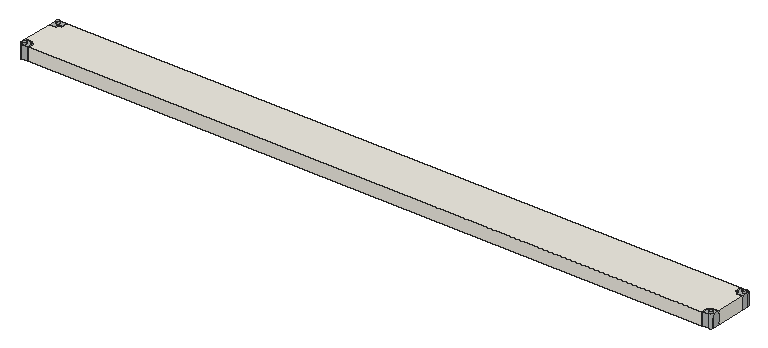
Revit family "HIGHTECH", category Осветительные приборы, Revit 2019 (continued)
Types (32, lengths in mm): name | Файл фотометрической сетки | built-in parameter 1150105 | Lumens | built-in parameter 1150106 | built-in parameter 1150142 | Wattage | Emit from Rectangle Width | Emit from Rectangle Length | Длина | Ширина | ADSK_Ток | ADSK_Полная мощность | ADSK_Обозначение | ADSK_Номинальная мощность | ADSK_Наименование | ADSK_Масса | ADSK_Код изделия
  Hightech-38/opal-sand 595х595 (IP40, 4000К, белый) c БАП на 3 часа | "Светильник HIGHTECH-38 OPAL-SAND-(595x595).IES" | 302.39 (stored number, unit not read) | 3800 lm | 3.0239 (stored number, unit not read) | "IESNA:LM-63-95\r\n[TEST] Протокол № 50-13\r\n[DATA] 17.06.2016\r\n[MORE] \r\n[MANUFAC] ЗАО \"Центрстройсвет\"\r\n[LUMCAT]  Светильник HIGHTECH-38/OPAL-SAND-(595x595)\r\n[LUMINAIRE]\r\n[LAMPCAT] Светодиоды\r\n[LAMP] Поток источника света (светодиодов) не известен\r\n[MORE] КСС приведена в абсолютных величинах кд\r\n[MORE] Вместо потока лампы, указан поток светильника.\r\nTILT=NONE\r\n1    3750 1.0 37 73 1 2 0.595 0.595 0.04\r\n1.0 1.0 38.7\r\n0.0 5.0 10.0 15.0 20.0 25.0 30.0 35.0 40.0 45.0 50.0 55.0 60.0 65.0 70.0 75.0 80.0 85.0 90.0 95.0 100.0 105.0 110.0 115.0 120.0 125.0 130.0 135.0 140.0 145.0 150.0 155.0 160.0 165.0 170.0 175.0 180.0\r\n0.0 5.0 10.0 15.0 20.0 25.0 30.0 35.0 40.0 45.0 50.0 55.0 60.0 65.0 70.0 75.0 80.0 85.0 90.0 95.0 100.0 105.0 110.0 115.0 120.0 125.0 130.0 135.0 140.0 145.0 150.0 155.0 160.0 165.0 170.0 175.0 180.0 185.0 190.0 195.0 200.0 205.0 210.0 215.0 220.0 225.0 230.0 235.0 240.0 245.0 250.0 255.0 260.0 265.0 270.0 275.0 280.0 285.0 290.0 295.0 300.0 305.0 310.0 315.0 320.0 325.0 330.0 335.0 340.0 345.0 350.0 355.0 360.0\r\n1391.4 1390.6 1365.7 1330.6 1277.5 1214.9 1147.5 1059.6 967.6 873.2 772.4 664.9 556.3 449.1 342.7 240.6 147.1 64.2 4.7 0.0 0.0 0.0 0.0 0.0 0.0 0.0 0.0 0.0 0.0 0.0 0.0 0.0 0.0 0.0 0.0 0.0 0.0\r\n1391.4 1390.5 1367.8 1332.7 1284.3 1221.3 1147.0 1062.1 969.2 872.4 773.2 666.3 557.1 450.1 343.8 241.9 146.9 64.7 5.2 0.0 0.0 0.0 0.0 0.0 0.0 0.0 0.0 0.0 0.0 0.0 0.0 0.0 0.0 0.0 0.0 0.0 0.0\r\n1391.4 1390.2 1372.0 1333.3 1277.3 1216.8 1144.5 1057.4 969.6 875.1 773.8 669.5 560.0 454.6 345.8 242.4 148.5 65.8 5.4 0.0 0.0 0.0 0.0 0.0 0.0 0.0 0.0 0.0 0.0 0.0 0.0 0.0 0.0 0.0 0.0 0.0 0.0\r\n1391.4 1389.8 1371.2 1330.7 1279.5 1220.5 1148.3 1059.9 967.7 873.2 767.5 666.8 561.4 453.0 347.1 243.7 149.9 65.6 5.8 0.0 0.0 0.0 0.0 0.0 0.0 0.0 0.0 0.0 0.0 0.0 0.0 0.0 0.0 0.0 0.0 0.0 0.0\r\n1391.4 1389.8 1368.3 1329.3 1285.0 1214.6 1141.1 1058.7 971.8 871.3 775.2 666.9 559.4 452.6 345.8 242.5 150.0 65.8 6.1 0.0 0.0 0.0 0.0 0.0 0.0 0.0 0.0 0.0 0.0 0.0 0.0 0.0 0.0 0.0 0.0 0.0 0.0\r\n1391.4 1390.5 1367.3 1332.3 1281.7 1219.0 1142.8 1064.6 970.5 874.4 772.1 667.5 560.2 453.0 346.2 241.8 149.4 65.7 5.6 0.0 0.0 0.0 0.0 0.0 0.0 0.0 0.0 0.0 0.0 0.0 0.0 0.0 0.0 0.0 0.0 0.0 0.0\r\n1391.4 1391.4 1368.1 1333.5 1277.3 1215.7 1139.0 1059.6 968.1 872.4 771.6 667.4 558.8 453.3 344.3 243.9 148.4 65.7 5.4 0.0 0.0 0.0 0.0 0.0 0.0 0.0 0.0 0.0 0.0 0.0 0.0 0.0 0.0 0.0 0.0 0.0 0.0\r\n1391.4 1391.7 1368.1 1330.4 1278.2 1213.9 1142.4 1061.6 967.4 875.1 772.0 669.3 561.1 452.5 345.2 242.1 148.3 65.4 5.5 0.0 0.0 0.0 0.0 0.0 0.0 0.0 0.0 0.0 0.0 0.0 0.0 0.0 0.0 0.0 0.0 0.0 0.0\r\n1391.4 1391.5 1371.0 1328.4 1278.5 1216.7 1142.1 1061.2 971.8 874.7 772.1 668.9 560.8 452.9 345.4 243.3 147.7 66.0 5.4 0.0 0.0 0.0 0.0 0.0 0.0 0.0 0.0 0.0 0.0 0.0 0.0 0.0 0.0 0.0 0.0 0.0 0.0\r\n1391.4 1391.5 1373.2 1330.5 1277.3 1215.5 1143.2 1063.6 967.0 872.7 772.2 669.4 558.9 453.2 346.6 241.9 148.1 65.2 5.5 0.0 0.0 0.0 0.0 0.0 0.0 0.0 0.0 0.0 0.0 0.0 0.0 0.0 0.0 0.0 0.0 0.0 0.0\r\n1391.4 1391.4 1369.7 1328.3 1281.3 1216.0 1139.8 1057.9 968.7 875.3 773.9 667.6 561.8 454.0 344.0 243.1 147.2 65.6 5.5 0.0 0.0 0.0 0.0 0.0 0.0 0.0 0.0 0.0 0.0 0.0 0.0 0.0 0.0 0.0 0.0 0.0 0.0\r\n1391.4 1390.5 1367.9 1330.1 1278.1 1218.1 1138.9 1061.0 970.0 871.8 770.4 669.3 560.2 453.4 346.9 242.1 148.3 65.2 5.2 0.0 0.0 0.0 0.0 0.0 0.0 0.0 0.0 0.0 0.0 0.0 0.0 0.0 0.0 0.0 0.0 0.0 0.0\r\n1391.4 1389.3 1368.2 1329.1 1280.8 1214.4 1142.5 1059.2 967.2 874.3 772.4 668.0 563.1 452.3 345.7 242.8 146.8 64.9 5.1 0.0 0.0 0.0 0.0 0.0 0.0 0.0 0.0 0.0 0.0 0.0 0.0 0.0 0.0 0.0 0.0 0.0 0.0\r\n1391.4 1388.6 1367.4 1327.8 1278.0 1215.7 1141.0 1061.0 971.5 877.3 771.2 667.3 561.5 453.0 346.4 242.4 146.3 64.8 5.2 0.0 0.0 0.0 0.0 0.0 0.0 0.0 0.0 0.0 0.0 0.0 0.0 0.0 0.0 0.0 0.0 0.0 0.0\r\n1391.4 1388.0 1367.6 1326.7 1278.3 1218.0 1140.9 1061.5 968.4 873.4 770.1 666.6 562.1 454.6 344.8 241.8 146.4 64.0 5.5 0.0 0.0 0.0 0.0 0.0 0.0 0.0 0.0 0.0 0.0 0.0 0.0 0.0 0.0 0.0 0.0 0.0 0.0\r\n1391.4 1387.2 1366.1 1331.0 1281.4 1216.3 1142.7 1059.1 969.4 871.5 772.2 667.3 560.5 453.0 344.4 242.2 146.4 63.8 5.6 0.0 0.0 0.0 0.0 0.0 0.0 0.0 0.0 0.0 0.0 0.0 0.0 0.0 0.0 0.0 0.0 0.0 0.0\r\n1391.4 1387.1 1366.3 1328.7 1276.9 1214.5 1141.2 1059.3 968.4 874.3 775.5 668.3 562.5 454.9 346.4 241.3 146.2 63.5 5.7 0.0 0.0 0.0 0.0 0.0 0.0 0.0 0.0 0.0 0.0 0.0 0.0 0.0 0.0 0.0 0.0 0.0 0.0\r\n1391.4 1388.4 1366.0 1329.7 1279.2 1217.9 1140.0 1060.5 969.0 873.9 772.0 671.3 560.4 453.2 343.7 241.7 145.8 63.7 5.4 0.0 0.0 0.0 0.0 0.0 0.0 0.0 0.0 0.0 0.0 0.0 0.0 0.0 0.0 0.0 0.0 0.0 0.0\r\n1391.4 1389.6 1367.7 1329.3 1277.2 1211.1 1140.1 1061.0 971.0 871.2 769.2 669.1 561.5 453.1 343.3 241.9 145.8 63.4 5.2 0.0 0.0 0.0 0.0 0.0 0.0 0.0 0.0 0.0 0.0 0.0 0.0 0.0 0.0 0.0 0.0 0.0 0.0\r\n1391.4 1388.8 1366.9 1327.1 1279.4 1214.2 1142.5 1056.4 970.7 870.3 771.0 665.1 560.4 453.3 343.8 241.1 145.7 63.4 5.2 0.0 0.0 0.0 0.0 0.0 0.0 0.0 0.0 0.0 0.0 0.0 0.0 0.0 0.0 0.0 0.0 0.0 0.0\r\n1391.4 1387.2 1365.8 1328.9 1276.6 1210.2 1141.4 1059.3 966.6 871.4 770.5 667.4 559.2 451.4 344.2 241.0 145.6 63.2 5.1 0.0 0.0 0.0 0.0 0.0 0.0 0.0 0.0 0.0 0.0 0.0 0.0 0.0 0.0 0.0 0.0 0.0 0.0\r\n1391.4 1386.8 1364.4 1329.8 1279.4 1213.7 1144.0 1059.0 965.3 873.7 768.8 668.9 559.4 449.5 342.6 241.5 144.6 63.4 5.0 0.0 0.0 0.0 0.0 0.0 0.0 0.0 0.0 0.0 0.0 0.0 0.0 0.0 0.0 0.0 0.0 0.0 0.0\r\n1391.4 1388.1 1365.8 1328.1 1273.8 1213.4 1137.9 1059.2 967.3 869.2 769.3 667.7 558.4 451.4 344.0 240.6 145.7 63.4 4.9 0.0 0.0 0.0 0.0 0.0 0.0 0.0 0.0 0.0 0.0 0.0 0.0 0.0 0.0 0.0 0.0 0.0 0.0\r\n1391.4 1389.2 1364.4 1323.2 1276.3 1213.8 1137.6 1055.3 963.1 871.0 767.7 664.1 559.7 447.1 342.4 240.1 145.2 63.9 5.1 0.0 0.0 0.0 0.0 0.0 0.0 0.0 0.0 0.0 0.0 0.0 0.0 0.0 0.0 0.0 0.0 0.0 0.0\r\n1391.4 1388.4 1362.3 1326.8 1274.4 1212.2 1137.9 1054.7 966.7 867.9 768.7 663.4 557.3 449.2 343.3 240.0 145.7 63.6 5.0 0.0 0.0 0.0 0.0 0.0 0.0 0.0 0.0 0.0 0.0 0.0 0.0 0.0 0.0 0.0 0.0 0.0 0.0\r\n1391.4 1386.2 1361.8 1326.5 1273.3 1211.2 1134.5 1048.6 964.3 866.3 767.8 662.9 556.7 449.5 341.9 239.8 145.7 63.7 5.0 0.0 0.0 0.0 0.0 0.0 0.0 0.0 0.0 0.0 0.0 0.0 0.0 0.0 0.0 0.0 0.0 0.0 0.0\r\n1391.4 1384.4 1363.5 1324.4 1272.0 1209.5 1137.2 1053.0 960.2 867.5 767.9 662.7 556.7 449.2 342.5 239.1 146.2 63.8 4.8 0.0 0.0 0.0 0.0 0.0 0.0 0.0 0.0 0.0 0.0 0.0 0.0 0.0 0.0 0.0 0.0 0.0 0.0\r\n1391.4 1383.7 1362.4 1324.4 1274.0 1209.5 1134.4 1050.1 965.4 864.9 764.6 662.3 556.6 447.9 340.5 240.3 145.5 64.6 4.6 0.0 0.0 0.0 0.0 0.0 0.0 0.0 0.0 0.0 0.0 0.0 0.0 0.0 0.0 0.0 0.0 0.0 0.0\r\n1391.4 1384.4 1361.9 1326.9 1270.2 1207.3 1132.7 1050.1 959.7 867.7 763.1 662.2 555.0 447.3 343.0 238.3 145.8 63.9 4.7 0.0 0.0 0.0 0.0 0.0 0.0 0.0 0.0 0.0 0.0 0.0 0.0 0.0 0.0 0.0 0.0 0.0 0.0\r\n1391.4 1385.1 1363.0 1320.0 1270.4 1207.9 1134.4 1055.0 963.5 867.3 766.7 660.7 555.9 450.1 342.6 240.2 145.9 64.3 4.9 0.0 0.0 0.0 0.0 0.0 0.0 0.0 0.0 0.0 0.0 0.0 0.0 0.0 0.0 0.0 0.0 0.0 0.0\r\n1391.4 1384.9 1362.3 1321.4 1273.1 1208.0 1135.4 1052.3 961.9 865.0 764.0 660.8 553.5 447.6 341.2 240.3 146.1 63.8 4.8 0.0 0.0 0.0 0.0 0.0 0.0 0.0 0.0 0.0 0.0 0.0 0.0 0.0 0.0 0.0 0.0 0.0 0.0\r\n1391.4 1383.8 1361.2 1322.1 1265.1 1211.5 1132.8 1049.3 961.3 863.4 764.0 661.0 550.7 447.9 341.0 240.1 146.2 63.8 4.6 0.0 0.0 0.0 0.0 0.0 0.0 0.0 0.0 0.0 0.0 0.0 0.0 0.0 0.0 0.0 0.0 0.0 0.0\r\n1391.4 1382.8 1359.3 1321.5 1269.3 1206.8 1132.8 1051.1 958.3 863.2 763.1 662.7 553.4 448.0 340.4 240.0 145.8 63.8 4.0 0.0 0.0 0.0 0.0 0.0 0.0 0.0 0.0 0.0 0.0 0.0 0.0 0.0 0.0 0.0 0.0 0.0 0.0\r\n1391.4 1382.6 1359.0 1319.6 1268.1 1204.3 1129.8 1049.0 957.7 861.8 761.7 658.4 554.2 446.1 340.4 239.0 145.6 63.8 3.8 0.0 0.0 0.0 0.0 0.0 0.0 0.0 0.0 0.0 0.0 0.0 0.0 0.0 0.0 0.0 0.0 0.0 0.0\r\n1391.4 1382.8 1358.5 1315.8 1266.5 1202.1 1128.5 1049.2 957.6 860.0 762.1 658.2 549.9 443.8 339.6 238.4 145.7 63.6 3.7 0.0 0.0 0.0 0.0 0.0 0.0 0.0 0.0 0.0 0.0 0.0 0.0 0.0 0.0 0.0 0.0 0.0 0.0\r\n1391.4 1382.2 1360.5 1319.2 1265.9 1204.5 1129.9 1046.9 955.0 862.9 758.9 657.9 552.5 444.9 338.9 238.8 145.3 63.6 3.3 0.0 0.0 0.0 0.0 0.0 0.0 0.0 0.0 0.0 0.0 0.0 0.0 0.0 0.0 0.0 0.0 0.0 0.0\r\n1391.4 1381.1 1361.2 1321.0 1268.1 1203.8 1128.8 1047.4 955.6 863.7 761.1 656.4 551.5 445.2 339.2 238.5 144.7 62.5 3.5 0.0 0.0 0.0 0.0 0.0 0.0 0.0 0.0 0.0 0.0 0.0 0.0 0.0 0.0 0.0 0.0 0.0 0.0\r\n1391.4 1380.6 1359.0 1316.4 1268.5 1204.0 1126.1 1049.5 956.2 859.6 759.7 656.5 549.2 444.3 338.4 236.1 143.8 61.6 3.2 0.0 0.0 0.0 0.0 0.0 0.0 0.0 0.0 0.0 0.0 0.0 0.0 0.0 0.0 0.0 0.0 0.0 0.0\r\n1391.4 1380.7 1356.6 1316.0 1267.0 1205.6 1130.3 1044.8 956.9 856.7 759.3 653.5 548.1 441.9 335.3 235.4 141.4 60.3 2.9 0.0 0.0 0.0 0.0 0.0 0.0 0.0 0.0 0.0 0.0 0.0 0.0 0.0 0.0 0.0 0.0 0.0 0.0\r\n1391.4 1380.4 1354.4 1317.9 1268.8 1199.0 1129.0 1044.0 956.9 860.6 758.3 656.9 549.1 442.0 334.4 236.1 141.7 60.5 2.6 0.0 0.0 0.0 0.0 0.0 0.0 0.0 0.0 0.0 0.0 0.0 0.0 0.0 0.0 0.0 0.0 0.0 0.0\r\n1391.4 1380.1 1356.7 1322.1 1264.6 1201.7 1129.9 1047.4 957.2 859.7 758.2 656.1 549.4 442.8 335.3 235.8 141.3 60.6 2.3 0.0 0.0 0.0 0.0 0.0 0.0 0.0 0.0 0.0 0.0 0.0 0.0 0.0 0.0 0.0 0.0 0.0 0.0\r\n1391.4 1379.9 1357.3 1317.5 1265.9 1207.8 1129.2 1046.5 955.7 860.2 758.6 656.9 550.7 441.9 335.4 233.9 140.6 60.2 2.4 0.0 0.0 0.0 0.0 0.0 0.0 0.0 0.0 0.0 0.0 0.0 0.0 0.0 0.0 0.0 0.0 0.0 0.0\r\n1391.4 1379.2 1355.5 1314.6 1269.3 1203.7 1133.5 1044.8 957.2 857.9 762.0 656.6 548.7 440.4 335.9 234.5 140.4 59.8 2.8 0.0 0.0 0.0 0.0 0.0 0.0 0.0 0.0 0.0 0.0 0.0 0.0 0.0 0.0 0.0 0.0 0.0 0.0\r\n1391.4 1377.9 1357.1 1319.2 1271.9 1204.4 1128.6 1050.2 953.1 856.9 757.6 653.7 548.9 439.9 335.4 232.4 140.5 59.2 3.0 0.0 0.0 0.0 0.0 0.0 0.0 0.0 0.0 0.0 0.0 0.0 0.0 0.0 0.0 0.0 0.0 0.0 0.0\r\n1391.4 1377.2 1356.3 1322.9 1266.0 1204.8 1132.2 1049.0 958.1 859.3 759.0 654.6 547.0 441.6 334.9 232.1 139.3 58.8 2.9 0.0 0.0 0.0 0.0 0.0 0.0 0.0 0.0 0.0 0.0 0.0 0.0 0.0 0.0 0.0 0.0 0.0 0.0\r\n1391.4 1377.8 1353.8 1319.7 1269.6 1207.9 1135.8 1049.5 955.8 858.0 762.4 655.9 548.2 441.6 335.6 231.7 139.4 58.8 2.8 0.0 0.0 0.0 0.0 0.0 0.0 0.0 0.0 0.0 0.0 0.0 0.0 0.0 0.0 0.0 0.0 0.0 0.0\r\n1391.4 1378.5 1355.2 1319.8 1267.3 1206.5 1131.2 1046.1 954.6 861.2 756.6 653.8 548.1 440.3 335.0 232.6 138.6 59.0 2.9 0.0 0.0 0.0 0.0 0.0 0.0 0.0 0.0 0.0 0.0 0.0 0.0 0.0 0.0 0.0 0.0 0.0 0.0\r\n1391.4 1378.6 1355.1 1318.3 1269.7 1200.8 1133.1 1049.0 957.6 862.5 762.4 656.9 549.3 443.5 334.7 231.2 138.8 58.1 3.0 0.0 0.0 0.0 0.0 0.0 0.0 0.0 0.0 0.0 0.0 0.0 0.0 0.0 0.0 0.0 0.0 0.0 0.0\r\n1391.4 1378.8 1355.8 1321.7 1268.8 1210.0 1129.0 1048.5 958.8 862.4 762.2 656.4 549.0 441.1 335.4 231.5 138.5 58.1 3.0 0.0 0.0 0.0 0.0 0.0 0.0 0.0 0.0 0.0 0.0 0.0 0.0 0.0 0.0 0.0 0.0 0.0 0.0\r\n1391.4 1379.6 1357.6 1321.7 1269.0 1207.1 1133.9 1047.0 964.1 863.3 761.9 656.4 551.5 440.7 334.9 232.2 137.6 58.1 2.8 0.0 0.0 0.0 0.0 0.0 0.0 0.0 0.0 0.0 0.0 0.0 0.0 0.0 0.0 0.0 0.0 0.0 0.0\r\n1391.4 1380.6 1357.7 1319.2 1272.0 1207.5 1131.3 1054.6 959.0 863.3 764.8 655.9 549.1 443.0 335.1 231.3 138.0 58.1 2.7 0.0 0.0 0.0 0.0 0.0 0.0 0.0 0.0 0.0 0.0 0.0 0.0 0.0 0.0 0.0 0.0 0.0 0.0\r\n1391.4 1381.5 1358.5 1321.9 1271.0 1204.1 1135.9 1055.8 962.5 865.5 761.1 656.9 550.6 442.0 335.3 231.9 137.4 57.9 2.6 0.0 0.0 0.0 0.0 0.0 0.0 0.0 0.0 0.0 0.0 0.0 0.0 0.0 0.0 0.0 0.0 0.0 0.0\r\n1391.4 1381.3 1358.5 1322.3 1270.8 1207.2 1133.7 1051.9 958.0 867.3 767.5 657.0 552.1 442.3 333.6 231.2 137.9 57.8 2.6 0.0 0.0 0.0 0.0 0.0 0.0 0.0 0.0 0.0 0.0 0.0 0.0 0.0 0.0 0.0 0.0 0.0 0.0\r\n1391.4 1380.6 1359.4 1319.7 1270.6 1209.0 1133.0 1052.1 963.9 867.5 764.1 660.0 554.0 443.3 334.8 231.7 137.6 57.8 2.7 0.0 0.0 0.0 0.0 0.0 0.0 0.0 0.0 0.0 0.0 0.0 0.0 0.0 0.0 0.0 0.0 0.0 0.0\r\n1391.4 1381.3 1359.9 1321.3 1270.6 1204.8 1135.0 1051.3 962.1 865.5 761.7 660.3 553.1 443.5 334.1 231.9 137.9 57.8 2.8 0.0 0.0 0.0 0.0 0.0 0.0 0.0 0.0 0.0 0.0 0.0 0.0 0.0 0.0 0.0 0.0 0.0 0.0\r\n1391.4 1383.1 1362.1 1324.8 1273.8 1208.7 1134.8 1055.9 961.8 866.4 762.3 659.7 552.4 443.7 334.4 232.8 138.0 58.0 2.8 0.0 0.0 0.0 0.0 0.0 0.0 0.0 0.0 0.0 0.0 0.0 0.0 0.0 0.0 0.0 0.0 0.0 0.0\r\n1391.4 1384.6 1360.4 1321.7 1272.0 1210.6 1130.9 1052.5 963.1 866.7 767.4 659.3 553.7 444.6 335.4 233.1 138.3 58.0 2.8 0.0 0.0 0.0 0.0 0.0 0.0 0.0 0.0 0.0 0.0 0.0 0.0 0.0 0.0 0.0 0.0 0.0 0.0\r\n1391.4 1385.6 1357.5 1324.7 1273.9 1211.6 1134.3 1052.7 963.6 865.4 763.1 658.7 552.2 444.9 336.9 232.8 138.8 58.6 2.9 0.0 0.0 0.0 0.0 0.0 0.0 0.0 0.0 0.0 0.0 0.0 0.0 0.0 0.0 0.0 0.0 0.0 0.0\r\n1391.4 1386.4 1357.8 1323.4 1273.2 1212.2 1136.3 1054.7 967.5 867.5 764.0 659.4 553.3 443.7 336.8 233.2 138.9 58.5 3.1 0.0 0.0 0.0 0.0 0.0 0.0 0.0 0.0 0.0 0.0 0.0 0.0 0.0 0.0 0.0 0.0 0.0 0.0\r\n1391.4 1386.6 1362.0 1324.9 1273.2 1211.3 1139.0 1049.9 960.3 866.4 768.0 661.3 552.2 443.4 336.3 233.4 139.8 58.9 3.1 0.0 0.0 0.0 0.0 0.0 0.0 0.0 0.0 0.0 0.0 0.0 0.0 0.0 0.0 0.0 0.0 0.0 0.0\r\n1391.4 1386.0 1360.5 1326.0 1271.8 1212.0 1137.2 1059.3 963.5 867.6 766.9 661.2 552.3 445.8 337.8 233.6 141.0 59.2 3.3 0.0 0.0 0.0 0.0 0.0 0.0 0.0 0.0 0.0 0.0 0.0 0.0 0.0 0.0 0.0 0.0 0.0 0.0\r\n1391.4 1385.0 1362.3 1325.1 1272.0 1207.1 1138.5 1053.6 964.5 865.8 766.5 661.6 554.3 445.9 337.0 234.5 140.4 60.2 3.5 0.0 0.0 0.0 0.0 0.0 0.0 0.0 0.0 0.0 0.0 0.0 0.0 0.0 0.0 0.0 0.0 0.0 0.0\r\n1391.4 1384.4 1361.8 1323.6 1274.0 1214.8 1138.9 1053.9 968.0 867.9 769.0 663.8 555.6 446.7 339.6 235.0 141.3 60.4 3.4 0.0 0.0 0.0 0.0 0.0 0.0 0.0 0.0 0.0 0.0 0.0 0.0 0.0 0.0 0.0 0.0 0.0 0.0\r\n1391.4 1385.0 1360.9 1322.2 1272.4 1209.8 1137.2 1055.7 962.7 869.7 769.6 658.2 556.6 447.4 338.5 236.2 142.5 60.7 3.4 0.0 0.0 0.0 0.0 0.0 0.0 0.0 0.0 0.0 0.0 0.0 0.0 0.0 0.0 0.0 0.0 0.0 0.0\r\n1391.4 1386.6 1363.1 1323.6 1272.5 1211.5 1139.2 1058.4 969.9 868.0 768.8 664.6 556.3 445.8 342.1 236.1 142.3 61.2 3.5 0.0 0.0 0.0 0.0 0.0 0.0 0.0 0.0 0.0 0.0 0.0 0.0 0.0 0.0 0.0 0.0 0.0 0.0\r\n1391.4 1388.6 1360.9 1330.2 1273.7 1213.2 1138.7 1058.3 966.2 867.0 766.8 663.4 553.3 447.1 339.2 238.7 143.0 61.4 3.8 0.0 0.0 0.0 0.0 0.0 0.0 0.0 0.0 0.0 0.0 0.0 0.0 0.0 0.0 0.0 0.0 0.0 0.0\r\n1391.4 1389.8 1360.8 1328.4 1276.8 1216.0 1140.1 1055.8 963.1 870.3 768.4 663.1 554.0 449.1 340.1 237.3 144.8 61.7 3.8 0.0 0.0 0.0 0.0 0.0 0.0 0.0 0.0 0.0 0.0 0.0 0.0 0.0 0.0 0.0 0.0 0.0 0.0\r\n1391.4 1389.3 1362.5 1325.9 1278.0 1210.4 1138.2 1054.7 967.8 872.7 770.2 661.9 556.5 446.9 341.3 237.7 144.4 62.5 3.9 0.0 0.0 0.0 0.0 0.0 0.0 0.0 0.0 0.0 0.0 0.0 0.0 0.0 0.0 0.0 0.0 0.0 0.0\r\n1391.4 1387.8 1365.8 1326.6 1274.3 1213.2 1141.4 1053.1 966.2 871.2 768.4 663.7 555.0 447.1 341.3 238.2 144.3 62.7 4.1 0.0 0.0 0.0 0.0 0.0 0.0 0.0 0.0 0.0 0.0 0.0 0.0 0.0 0.0 0.0 0.0 0.0 0.0\r\n1391.4 1387.2 1364.2 1328.3 1274.8 1209.4 1145.0 1060.0 963.9 867.5 766.5 663.4 556.7 448.2 340.9 240.3 144.7 63.3 4.0 0.0 0.0 0.0 0.0 0.0 0.0 0.0 0.0 0.0 0.0 0.0 0.0 0.0 0.0 0.0 0.0 0.0 0.0\r\n1391.4 1388.4 1364.9 1332.6 1279.0 1215.6 1140.9 1056.3 969.3 867.1 770.0 663.8 559.0 449.0 342.4 240.3 145.7 63.3 4.7 0.0 0.0 0.0 0.0 0.0 0.0 0.0 0.0 0.0 0.0 0.0 0.0 0.0 0.0 0.0 0.0 0.0 0.0\r\n1391.4 1390.0 1364.5 1329.3 1281.4 1217.7 1141.3 1063.3 970.3 871.1 768.8 663.5 555.2 449.3 342.4 239.8 146.6 63.3 4.9 0.0 0.0 0.0 0.0 0.0 0.0 0.0 0.0 0.0 0.0 0.0 0.0 0.0 0.0 0.0 0.0 0.0 0.0\r\n1391.4 1390.6 1365.7 1330.6 1277.5 1214.9 1147.5 1059.6 967.6 873.2 772.4 664.9 556.3 449.1 342.7 240.6 147.1 64.2 4.7 0.0 0.0 0.0 0.0 0.0 0.0 0.0 0.0 0.0 0.0 0.0 0.0 0.0 0.0 0.0 0.0 0.0 0.0\r\n" | 25.582 W | 555 | 555 | 595 | 595 | 0.179584 A | 41.3043 VA | "Hightech-38/opal-sand 595х595 (IP40, 4000К, белый)" | 38 W | "Универсальный светодиодный светильник Hightech-38/opal-sand 595х595 (IP40, 4000К, белый) c БАП на 3 час" | 2.5 | "ЦБ000007547"
